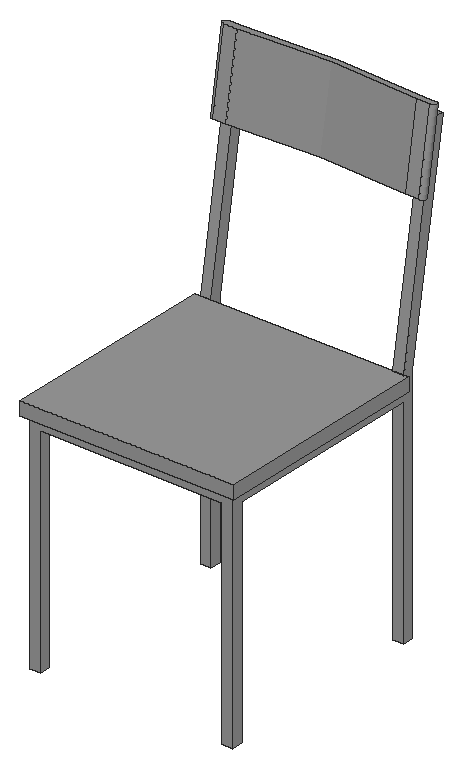
Revit family "15085 Стул для кафе и ресторанов Хоббика", category Антураж, Revit 2018
Family settings
  На основе рабочей плоскости = Нет
  Всегда вертикально = Да
  При загрузке вырезать с полостями = Нет
  Источник визуального образа = Геометрия семейства
  Общий = Нет
  Точка расчета площади = Нет
Parameters (values of type "Версия "Дуб"")
  Цвет сидения = Дуб
  Цвет каркаса = Сталь
  Описание = if([Версия "Ясень"], "Стул для кафе и ресторанов. Версия \"Ясень\"", "Стул для кафе и ресторанов. Версия \"Дуб\"")  # "Стул для кафе и ресторанов. Версия \"Дуб\""
  Материал изделия = "Сталь, дерево"  # constant formula
  Изображение типоразмера = Стул для кафе и ресторанов Арт 15085.jpg
  Изготовитель = "ООО «Хоббика»"  # constant formula
  Длина = 400 mm  # constant formula
  Ширина = 500 mm  # constant formula
  Группа модели = "Кресла садовые"  # constant formula
  Высота = 880 mm  # constant formula
  Версия "Ясень" = no
  Версия "Дуб" = not([Версия "Ясень"])  # yes
  Артикул товара = "Арт. 15085"  # constant formula
  URL = "https://hobbyka.ru/product/stul_dlya_kafe_i_restoranov/"
Types (3, lengths in mm): name | Цвет сидения | Описание | Версия "Ясень" | Версия "Дуб"
  (no name) | Дуб | "Стул для кафе и ресторанов. Версия \"Дуб\"" | no | yes
  Версия "Ясень" | Ясень | "Стул для кафе и ресторанов. Версия \"Ясень\"" | yes | no
  Версия "Дуб" | Дуб | "Стул для кафе и ресторанов. Версия \"Дуб\"" | no | yes
Reference planes
  plane 1 "По центру (Вперед/Назад)": y = 0
  plane 2: z = 0
  plane 3 "По центру (Влево/Вправо)": x = 0
  plane 4: x = 400
  plane 5: y = 500
  plane 6: z = 880
Forms (mm)
  Extrusion 1, solid, material "Дуб" <- "Цвет сидения"
    sketch origin (0, 0, 0) x (1, 0, 0) y (0, 1, 0)
      loop
        line (0, 409.108) -> (0, 0) -> (400, 0) -> (400, 409.108) -> (0, 409.108)
    from 425 to 450
  Extrusion 2, solid, material "Сталь" <- "Цвет каркаса"
    sketch origin (0, 0, 0) x (0, 1, 0) y (0, 0, 1)
      loop
        line (409.108, 0) -> (429.108, 0) -> (429.108, 448.25) -> (500, 850.298) -> (480.304, 853.771) -> (409.108, 450) -> (409.108, 0)
      loop
        line (10, 425) -> (10, 0) -> (30, 0) -> (30, 425) -> (10, 425)
    from 10 to 30
  Extrusion 3, solid, material "Сталь" <- "Цвет каркаса"
    sketch origin (0, 0, 0) x (0, 1, 0) y (0, 0, 1)
      loop
        line (409.108, 0) -> (429.108, 0) -> (429.108, 448.25) -> (500, 850.298) -> (480.304, 853.771) -> (409.108, 450) -> (409.108, 0)
      loop
        line (10, 425) -> (10, 0) -> (30, 0) -> (30, 425) -> (10, 425)
    from 370 to 390
  Extrusion 4, solid, material "Сталь" <- "Цвет каркаса"
    sketch origin (0, 0, 0) x (1, 0, 0) y (0, 1, 0)
      loop
        line (10, 409.108) -> (10, 10) -> (390, 10) -> (390, 409.108) -> (10, 409.108)
      loop
        line (30, 389.108) -> (30, 30) -> (370, 30) -> (370, 389.108) -> (30, 389.108)
    from 405 to 425
  Extrusion 5, solid, material "Дуб" <- "Цвет сидения"
    sketch origin (-953.448, -893.154, 229.007) x (1, 0, 0) y (0, 0.984808, -0.173648)
      loop
        arc (960.948, 1241.603) -> (953.448, 1234.103) -> (960.948, 1226.603) r 7.5
        line (960.948, 1226.603) -> (984.559, 1226.603)
        arc (984.559, 1226.603) -> (1153.448, 1237.366) -> (1322.336, 1226.603) r 1330.502
        line (1322.336, 1226.603) -> (1345.948, 1226.603)
        arc (1345.948, 1226.603) -> (1353.448, 1234.103) -> (1345.948, 1241.603) r 7.5
        line (1345.948, 1241.603) -> (1323.289, 1241.603)
        arc (1323.289, 1241.603) -> (1153.448, 1252.366) -> (983.606, 1241.603) r 1345.502
        line (983.606, 1241.603) -> (960.948, 1241.603)
    from 726.878 to 876.878
Cuts and joins
  joined: Extrusion 2, Extrusion 3, Extrusion 4
Dimensions and locks
  "Длина": plane 3 "По центру (Влево/Вправо)" to plane 4
  "Ширина": plane 5 to plane 1 "По центру (Вперед/Назад)"
  "Высота": plane 6 to plane 2
  aligned and locked: level to plane 2
Automatic sketch dimensions
  plane 1 "По центру (Вперед/Назад)" to Extrusion 1 sketch curve = 0 mm
  Extrusion 1 sketch curve to plane 3 "По центру (Влево/Вправо)" = 0 mm
  Extrusion 1 sketch curve to plane 4 = 0 mm
  Extrusion 1 sketch curve to plane 5 = 90.892 mm
  Extrusion 2 sketch curve to level = 0 mm  (x2)
  Extrusion 2 sketch curve to plane 5 = 0 mm
  Extrusion 2 sketch curve to plane 5 = 19.696 mm
  Extrusion 2 sketch curve to plane 5 = 70.892 mm
  Extrusion 2 sketch curve to Extrusion 2 sketch curve = 20 mm
  Extrusion 2 sketch curve to plane 1 "По центру (Вперед/Назад)" = 30 mm
  Extrusion 2 sketch curve to plane 1 "По центру (Вперед/Назад)" = 10 mm
  level to Extrusion 2 sketch curve = 425 mm
  Extrusion 2 sketch curve to Extrusion 2 sketch curve = 23.25 mm
  Extrusion 2 sketch curve to Extrusion 2 sketch curve = 1.75 mm
  Extrusion 3 sketch curve to level = 0 mm  (x2)
  Extrusion 3 sketch curve to plane 5 = 0 mm
  Extrusion 3 sketch curve to plane 5 = 19.696 mm
  Extrusion 3 sketch curve to plane 5 = 70.892 mm
  Extrusion 3 sketch curve to Extrusion 3 sketch curve = 20 mm
  Extrusion 3 sketch curve to plane 1 "По центру (Вперед/Назад)" = 30 mm
  Extrusion 3 sketch curve to plane 1 "По центру (Вперед/Назад)" = 10 mm
  level to Extrusion 3 sketch curve = 425 mm
  Extrusion 3 sketch curve to Extrusion 3 sketch curve = 23.25 mm
  Extrusion 3 sketch curve to Extrusion 3 sketch curve = 1.75 mm
  plane 3 "По центру (Влево/Вправо)" to Extrusion 4 sketch curve = 10 mm
  Extrusion 4 sketch curve to plane 4 = 10 mm
  Extrusion 4 sketch curve to plane 1 "По центру (Вперед/Назад)" = 10 mm
  Extrusion 4 sketch curve to plane 5 = 90.892 mm
  Extrusion 4 sketch curve to Extrusion 4 sketch curve = 20 mm  (x4)
  Extrusion 5 sketch curve to Extrusion 5 sketch curve = 0 mm  (x2)
  plane 3 "По центру (Влево/Вправо)" to Extrusion 5 sketch curve = 7.5 mm
  Extrusion 5 sketch curve to Extrusion 5 sketch curve = 22.658 mm
  Extrusion 5 sketch curve to Extrusion 5 sketch curve = 0.953 mm  (x2)
  plane 3 "По центру (Влево/Вправо)" to Extrusion 5 sketch curve = 200 mm
  Extrusion 5 sketch curve to plane 4 = 31.112 mm
  Extrusion 5 sketch curve to plane 4 = 7.5 mm
  Extrusion 5 sketch curve to Extrusion 5 sketch curve = 1319.739 mm
  Extrusion 5 sketch curve to Extrusion 5 sketch curve = 7.5 mm
